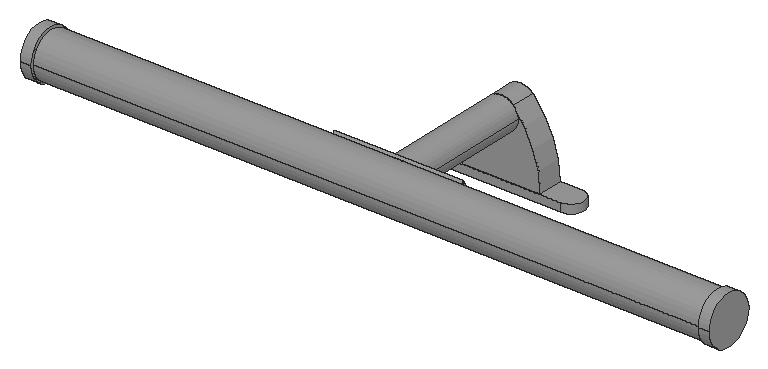
Revit family "0043210 Sylvania Lighting Fixture SYLMIRROR LED FLUTE IP44 NW Horizontal mount", category Lighting Fixtures, host Face, Revit 2016
Family settings
  Host = Face
  Part Type = Normal
  Round Connector Dimension = Use Diameter
  OmniClass Number = 23.80.70.00
  OmniClass Title = Lighting
  Cut with Voids When Loaded = No
  Light Source = No
  Shared = No
  Room Calculation Point = No
Parameters (values of type "0043210 SYLMIRROR LED FLUTE IP44 NW Horizontal mount")
  Weight = "0.606 kg"
  Wattage Comments = ""
  WarrantyStartDate [instance] = "n/a"
  WarrantyGuarantorParts = "n/a"
  WarrantyDurationUnit = "n/a"
  WarrantyDurationParts = "n/a"
  WarrantyDescription = "n/a"
  Voltage = 230 V
  URL = "http://www.sylvania-lighting.com"
  TypeName = "SYLMIRROR LED FLUTE IP44 NW Horizontal mount"
  TypeLamp_SYL = SylMirror LED Flute : 0043210 SylMirror LED Flute
  Type Image = <None>
  Type Comments = "n/a"
  SerialNumber [instance] = "n/a"
  Material_3_FEILO = none
  PowerFactor = 0
  PowerConsumption = "6 W"
  NominalLength = 400 mm
  NominalHeight = 52.6 mm
  NominalDepth = 115.3 mm
  Name = "SYLMIRROR LED FLUTE IP44 NW Horizontal mount"
  ModelReference = Name  # "SYLMIRROR LED FLUTE IP44 NW Horizontal mount"
  ModelNumber = "0043210"
  Model = Name  # "SYLMIRROR LED FLUTE IP44 NW Horizontal mount"
  Material = "pc housing, pc diffuser"
  ManufacturerName = "Feilo Sylvania"
  Manufacturer = "Feilo Sylvania"
  LuminousEfficacy = "90 lm/W"
  LuminaireType = ""
  LightOutputRatio = "100"
  LampsType = Lamp  # "LED"
  LampNominalLuminous = "540 lm"
  LampMacAdamStep = "6"
  LampColourTemperature = "4000 K"
  LampColourRenderingIndex = "80"
  Lamp = "LED"
  Keynote = "16500"
  InstallationDate [instance] = "n/a"
  InputVoltage = "220-240V~"
  InputNominalFrequency = "50/60 Hz"
  IngressProtection = "IP44"
  ImpactProtectionIndex = "IK03"
  IfcExportType = "IfcLightFixtureType"
  IfcExportAs = "IfcLightFixtureType"
  ExpectedLife = 50000
  ElectricShockClassification = "Class II"
  DurationUnit = "hours"
  DocumentationLiterature = "http://www.sylvania-lighting.com/product/en-int/products/0043210"
  DimmingControlOptions = "n/a"
  Material_2_FEILO = Diffuser-Sylvania-SylMirror
  Description = ""
  Default Elevation = 1219.2 mm
  CreatedOn = "7/17/2018"
  CreatedBy = "@sylvania-lighting.com"
  Cost = 0
  built-in parameter 1114216 [instance] = (empty or 0)
  ClassificationValue = "EF_70_80"
  ClassificationName = "Uniclass2015"
  Material_1_FEILO = Body-Sylvania-SylMirror
  BarCode [instance] = "n/a"
  AssetType = "Fixed"
  AssetIdentifier [instance] = "n/a"
  Assembly Code = "D5020200"
  Apparent Load = 6 VA
  Material_4_FEILO = none
Reference planes
  plane 1 "Center (Front/Back)": y = 0
  plane 2: z = 0
  plane 3 "Center (Left/Right)": x = 0
  plane 4: x = 200
  plane 5: x = -200
  plane 6: y = 7.5
  plane 7: y = -7.5
  plane 8: x = 42.5
  plane 9: x = -42.5
  plane 10: z = 45
  plane 11: z = 5
  plane 12: x = -25.5
  plane 13: x = 25.5
  plane 14: y = 7
  plane 15: y = -7
  plane 16: y = -112.2
  plane 17: z = 29
  plane 18: z = 46.8
  plane 19: z = 27.2
  plane 20: x = -35
  plane 21: x = 35
  plane 22: x = -17.5
  plane 23: x = 17.5
  plane 24: y = -68.6
  plane 25: x = 194.5
  plane 26: x = -194.5
  plane 27: z = 37
  plane 28: y = -90.4
  plane 29: z = 45.5
  plane 30: z = 28.5
  plane 31: y = -110.9
  plane 32: y = -69.9
  plane 33: y = -102.4
  plane 34: y = -78.4
  plane 35: z = 34
Forms (mm)
  Extrusion 1, solid, material "Body-Sylvania-SylMirror" <- "Material_1_FEILO"
    sketch origin (0, 0, 0) x (1, 0, 0) y (0, 1, 0)
      loop
        arc (-35, 7.5) -> (-42.5, 0) -> (-35, -7.5) r 7.5
        line (-35, -7.5) -> (35, -7.5)
        arc (35, -7.5) -> (42.5, 0) -> (35, 7.5) r 7.5
        line (35, 7.5) -> (-35, 7.5)
    from 0 to 5
Dimensions and locks
  locked: plane 10 to plane 2 at 45
  locked: plane 16 to plane 6 at 119.7
  locked: plane 11 to plane 2 at 5
  plane 15 to plane 1 "Center (Front/Back)" to plane 14 = 7 mm locked, 7 mm locked
  plane 7 to plane 1 "Center (Front/Back)" to plane 6 = 7.5 mm locked, 7.5 mm locked
  plane 5 to plane 3 "Center (Left/Right)" to plane 4 = 200 mm locked, 200 mm locked
  plane 12 to plane 3 "Center (Left/Right)" to plane 13 = 25.5 mm locked, 25.5 mm locked
  plane 9 to plane 3 "Center (Left/Right)" to plane 8 = 42.5 mm locked, 42.5 mm locked
  locked: plane 9 to plane 20 at 7.5
  locked: plane 21 to plane 8 at 7.5
  locked: plane 22 to plane 12 at 8
  locked: plane 13 to plane 23 at 8
  locked: plane 16 to plane 24 at 43.6
  locked: plane 5 to plane 26 at 5.5
  locked: plane 25 to plane 4 at 5.5
  locked: plane 27 to plane 10 at 8
  equal spacing: plane 17, plane 27, plane 10
  equal spacing: plane 19, plane 27, plane 18
  plane 19 to plane 18 = 19.6 mm
  locked: plane 16 to plane 28 at 21.8
  equal spacing: plane 30, plane 27, plane 29
  locked: plane 30 to plane 29 at 17
  equal spacing: plane 31, plane 28, plane 32
  locked: plane 16 to plane 31 at 1.3
  locked: plane 31 to plane 33 at 8.5
  locked: plane 34 to plane 32 at 8.5
  locked: plane 35 to plane 27 at 3
  aligned and locked: plane 2 to host face
  aligned and locked: level to host face
  aligned and locked: plane 20 to Extrusion 1 sketch curve  (x2)
  aligned and locked: plane 21 to Extrusion 1 sketch curve  (x2)
  aligned and locked: plane 7 to Extrusion 1 sketch curve  (x2)
  aligned and locked: plane 1 "Center (Front/Back)" to Extrusion 1 sketch curve
  aligned and locked: plane 6 to Extrusion 1 sketch curve
  aligned and locked: Extrusion 1 to plane 11
  aligned and locked: Extrusion 1 to level
  aligned and locked: plane 3 "Center (Left/Right)" to nested 1
  aligned and locked: plane 1 "Center (Front/Back)" to nested 1
Automatic sketch dimensions
  host sketch curve to host sketch curve = 2438.4 mm  (x2)
Nested families
  nested 1: "SylMirror LED Flute" at (0, 0, 5), type <- "TypeLamp_SYL", type "0043210 SylMirror LED Flute"
    with built-in parameter 1114216 (empty or 0)
Connectors
  electrical at (0, 0, 0), driven by "Apparent Load", driven by "PowerFactor", driven by "Voltage"
    settings: index 1, voltage 230 V, apparent load 6 VA, apparent load phase1 0 VA, apparent load phase2 0 VA, apparent load phase3 0 VA, power factor 0, load classification "Lighting", number of poles 1, system type 30, power factor state 1, is connector primary yes, connector utility no, sub classification motor no, connector description ""
Definition of nested family "SylMirror LED Flute"
  Parameters (values of type "0043210 SylMirror LED Flute")
    Wattage Comments = ""
    Wattage = 6 W
    built-in parameter 1150110 = 1 (stored number, unit not read)
    URL = "http://www.feilosylvania.com"
    Type Image = (empty or 0)
    Type Comments = "n/a"
    built-in parameter 1114217 = 1 (stored number, unit not read)
    Tilt Angle = -90.00°
    built-in parameter 1150109 = 1 (stored number, unit not read)
    built-in parameter 1150134 = 12
    built-in parameter 1150113 = 1 (stored number, unit not read)
    Photometric Web File = "0043210.IES"
    built-in parameter 1150142 = "﻿IESNA:LM-63-1995\r\n[TEST] 197208\r\n[DATE] 2017/9/27\r\n[MANUFAC] Feilo Sylvania\r\n[LUMCAT] W400S26-1  chorme 4000K\r\n[LUMINAIRE] \r\n[LAMPCAT] \r\n[LAMP] \r\nTILT=NONE\r\n1 -1 1.0 37 13 1 2 0.026 0.390 0.010\r\n1 1 5.939\r\n0.0 5.0 10.0 15.0 20.0 25.0 30.0 35.0 40.0 45.0 50.0 55.0 60.0 65.0 70.0 75.0 80.0 85.0 90.0 95.0 100.0 105.0 110.0 115.0 120.0 125.0 130.0 135.0 140.0 145.0 150.0 155.0 160.0 165.0 170.0 175.0 180.0\r\n0.0 15.0 30.0 45.0 60.0 75.0 90.0 105.0 120.0 135.0 150.0 165.0 180.0 \r\n103.374 104.863 107.694 105.757 103.523 101.735 100.395 99.948 96.820 94.139 92.053 89.372 87.138 84.010 80.882 77.456 74.924 70.604 65.093 62.263 59.284 50.942 0.149 37.387 42.303 41.260 37.238 23.684 0.149 0.894 13.555 16.087 12.810 8.937 2.830 0.447 \r\n0.000\r\n105.459 103.672 104.268 103.225 102.331 100.842 99.203 96.969 94.586 93.692 91.011 86.691 83.414 81.478 77.009 75.520 70.753 66.582 64.199 59.730 56.900 40.813 0.596 43.643 40.962 38.132 34.557 15.640 0.298 2.532 14.597 15.938 12.959 7.746 4.320 1.787 \r\n0.000\r\n106.204 105.310 105.906 103.523 102.629 99.203 97.714 93.841 91.607 88.032 83.861 79.690 77.605 72.689 68.370 65.093 62.263 59.879 55.411 53.325 46.920 15.789 8.044 38.281 36.196 32.621 26.365 0.000 0.894 11.469 16.683 13.406 8.937 7.746 5.064 1.192 0.447\r\n106.204 107.396 105.608 104.417 100.544 97.714 93.543 90.266 85.797 80.286 75.817 71.498 67.327 61.667 57.049 54.368 49.304 46.474 44.388 38.877 33.961 0.149 30.536 29.940 27.854 21.151 0.447 0.596 13.853 15.342 12.065 11.023 8.639 5.809 4.469 1.192 0.298\r\n105.012 105.161 104.417 102.629 99.054 93.990 89.372 83.265 78.797 74.626 67.774 60.624 56.156 49.155 44.537 38.728 34.408 30.387 28.450 24.131 0.894 17.428 21.002 17.725 0.894 2.234 12.810 14.449 12.959 10.576 8.788 7.895 5.809 5.660 1.787 1.341 0.000\r\n105.012 103.374 102.331 100.246 96.522 91.011 85.351 80.435 74.179 65.689 59.135 52.581 44.239 37.834 30.536 24.131 18.023 15.491 12.065 9.980 4.171 4.767 6.107 8.639 7.150 7.001 7.895 8.937 8.192 4.915 3.724 4.320 4.618 2.085 1.787 0.149 0.894\r\n103.970 103.374 103.076 97.714 96.820 90.564 84.904 78.052 71.200 62.858 57.794 48.559 42.005 31.578 26.216 17.874 9.235 4.767 0.000 0.894 2.681 0.000 0.000 0.000 1.490 0.000 0.000 0.894 0.596 1.192 0.000 0.000 0.000 0.000 0.000 0.894 0.894\r\n105.012 103.374 102.331 100.246 96.522 91.011 85.351 80.435 74.179 65.689 59.135 52.581 44.239 37.834 30.536 24.131 18.023 15.491 12.065 9.980 4.171 4.767 6.107 8.639 7.150 7.001 7.895 8.937 8.192 4.915 3.724 4.320 4.618 2.085 1.787 0.149 0.894\r\n105.012 105.161 104.417 102.629 99.054 93.990 89.372 83.265 78.797 74.626 67.774 60.624 56.156 49.155 44.537 38.728 34.408 30.387 28.450 24.131 0.894 17.428 21.002 17.725 0.894 2.234 12.810 14.449 12.959 10.576 8.788 7.895 5.809 5.660 1.787 1.341 0.000\r\n106.204 107.396 105.608 104.417 100.544 97.714 93.543 90.266 85.797 80.286 75.817 71.498 67.327 61.667 57.049 54.368 49.304 46.474 44.388 38.877 33.961 0.149 30.536 29.940 27.854 21.151 0.447 0.596 13.853 15.342 12.065 11.023 8.639 5.809 4.469 1.192 0.298\r\n106.204 105.310 105.906 103.523 102.629 99.203 97.714 93.841 91.607 88.032 83.861 79.690 77.605 72.689 68.370 65.093 62.263 59.879 55.411 53.325 46.920 15.789 8.044 38.281 36.196 32.621 26.365 0.000 0.894 11.469 16.683 13.406 8.937 7.746 5.064 1.192 0.447\r\n105.459 103.672 104.268 103.225 102.331 100.842 99.203 96.969 94.586 93.692 91.011 86.691 83.414 81.478 77.009 75.520 70.753 66.582 64.199 59.730 56.900 40.813 0.596 43.643 40.962 38.132 34.557 15.640 0.298 2.532 14.597 15.938 12.959 7.746 4.320 1.787 \r\n0.000\r\n103.374 104.863 107.694 105.757 103.523 101.735 100.395 99.948 96.820 94.139 92.053 89.372 87.138 84.010 80.882 77.456 74.924 70.604 65.093 62.263 59.284 50.942 0.149 37.387 42.303 41.260 37.238 23.684 0.149 0.894 13.555 16.087 12.810 8.937 2.830 0.447 \r\n0.000\r\n"
    Material_3_SYL = none
    Model = ""
    Manufacturer = "Feilo Sylvania"
    built-in parameter 1150105 = 42.972 (stored number, unit not read)
    Lumens = 540 lm
    built-in parameter 1150115 = 1 (stored number, unit not read)
    built-in parameter 1150137 = (empty or 0)
    built-in parameter 1150139 = (empty or 0)
    built-in parameter 1150112 = 1 (stored number, unit not read)
    built-in parameter 1150114 = 1 (stored number, unit not read)
    Lamp = ""
    Keynote = "16500"
    Material_2_SYL = none
    built-in parameter 1150132 = (empty or 0)
    built-in parameter 1150102 = (empty or 0)
    built-in parameter 1150107 = 4000 (stored number, unit not read)
    built-in parameter 1150138 = (empty or 0)
    built-in parameter 1150106 = 0.42972 (stored number, unit not read)
    Emit from Rectangle Width = 388 mm
    Emit from Rectangle Length = 20 mm
    Emit Shape Visible in Rendering = no
    built-in parameter 1150104 = 8.3613 (stored number, unit not read)
    Dimming Lamp Color Temperature Shift = (empty or 0)
    Description = ""
    Default Elevation = 1219.2 mm
    Cost = 0
    Color Filter = 16777215
    built-in parameter 1114216 [instance] = (empty or 0)
    ClassificationValue_old = "EF_70_80"
    ClassificationName_old = "Uniclass2015"
    Material_1_SYL = none
    built-in parameter 1114218 = 1 (stored number, unit not read)
    built-in parameter 1150133 = 10 (stored number, unit not read)
    Assembly Code = "D5020200"
    Apparent Load = 6 VA
    Material_4_SYL = none
  Types (2, lengths in mm): name | built-in parameter 1150134 | Photometric Web File | built-in parameter 1150107
    0043210 SylMirror LED Flute | 12 | "0043210.IES" | 4000 (stored number, unit not read)
    0043235 SylMirror LED Flute | (empty or 0) | "0043235.IES" | 3000 (stored number, unit not read)
  Reference planes
    plane 1 "Center (Front/Back)": y = 0
    plane 2: z = 0
    plane 3 "Center (Left/Right)": x = 0
    plane 4: x = 200
    plane 5: x = -200
    plane 6: y = 7
    plane 7: y = -7
    plane 8: y = -106
    plane 9: y = -91.9
    plane 10: z = 34
    plane 11: z = 43.5
    plane 12: z = 24.5
    plane 13: z = 47
    plane 14: z = 21
    plane 15: z = 48.1
    plane 16: z = 19.9
    plane 17: y = -104.9
    plane 18: x = 193.7
    plane 19: x = -193.7
    plane 20: x = 22.5
    plane 21: x = -22.5
    plane 22: z = 40.5
    plane 23: y = -58.5
    plane 24: x = 37.5
    plane 25: x = -37.5
    plane 26: y = -76.9
    plane 27: y = -78.9
    plane 28: y = -82.9
  Forms (mm)
    Extrusion 1, solid
      sketch origin (4.2, 0, 0) x (1, 0, 0) y (0, 1, 0)
        loop
          line (-1219.2, 1219.2) -> (-1219.2, -1219.2) -> (1219.2, -1219.2) -> (1219.2, 1219.2) -> (-1219.2, 1219.2)
      from 0 to -68.017
    Extrusion 2, solid, material <- "Material_1_SYL"
      sketch origin (1524, -7, 1219.2) x (1, 0, 0) y (0, 0, 1)
        loop
          line (-1546.5, -1219.2) -> (-1501.5, -1219.2)
          arc (-1501.5, -1219.2) -> (-1505.527, -1197.505) -> (-1517.072, -1178.7) r 60.453
          arc (-1517.072, -1178.7) -> (-1524, -1175.7) -> (-1530.928, -1178.7) r 9.5
          arc (-1530.928, -1178.7) -> (-1542.473, -1197.505) -> (-1546.5, -1219.2) r 60.453
      from 0 to -14
    Extrusion 3, solid, material <- "Material_2_SYL"
      sketch origin (0, 0, 0) x (0, 1, 0) y (0, 0, 1)
        loop
          circle (-91.9, 34) r 13
      from -193.7 to 193.7
    Extrusion 4, solid, material <- "Material_1_SYL"
      sketch origin (-200, 1524, 1219.2) x (0, 1, 0) y (0, 0, 1)
        loop
          circle (-1615.9, -1185.2) r 14.1
      from 0 to 6.3
    Extrusion 5, solid, material <- "Material_1_SYL"
      sketch origin (200, 1524, 1219.2) x (0, 1, 0) y (0, 0, 1)
        loop
          circle (-1615.9, -1185.2) r 14.1
      from 0 to -6.3
    Extrusion 6, solid, material <- "Material_1_SYL"
      sketch origin (1524, -7, 1219.2) x (1, 0, 0) y (0, 0, 1)
        loop
          circle (-1524, -1185.2) r 9.5
      from 0 to 75.9
    Revolve 7, solid, material <- "Material_1_SYL"
      sketch origin (0, 1219.825, 34) x (1, 0, 0) y (0, 1, 0)
        loop
          arc (-36.5, -1296.725) -> (-37.207, -1297.018) -> (-37.5, -1297.725) r 1
          line (-37.5, -1297.725) -> (-37.5, -1298.725) -> (37.5, -1298.725) -> (37.5, -1297.725)
          arc (37.5, -1297.725) -> (37.207, -1297.018) -> (36.5, -1296.725) r 1
          line (36.5, -1296.725) -> (-36.5, -1296.725)
        axis (37.5, -1311.725) -> (-37.5, -1311.725)
      angle from -45 to 45
  Cuts and joins
    joined: Extrusion 6, Revolve 7
  Lines and regions (mm)
    reference lines
      curve 1: circle (0, -7, 34) r 9.5 normal (0, -1, 0)
  Dimensions and locks
    plane 7 to plane 1 "Center (Front/Back)" to plane 6 = 7 mm locked, 7 mm locked
    plane 5 to plane 3 "Center (Left/Right)" to plane 4 = 200 mm locked, 200 mm locked
    equal spacing: plane 7, plane 1 "Center (Front/Back)", plane 6
    plane 7 to plane 6 = 14 mm
    locked: plane 8 to plane 6 at 113
    locked: plane 8 to plane 9 at 14.1
    locked: plane 10 to level at 34
    equal spacing: plane 14, plane 10, plane 13
    locked: plane 14 to plane 13 at 26
    equal spacing: plane 12, plane 10, plane 11
    locked: plane 12 to plane 11 at 19
    equal spacing: plane 16, plane 10, plane 15
    locked: plane 16 to plane 15 at 28.2
    locked: plane 8 to plane 17 at 1.1
    plane 5 to plane 4 = 400 mm
    locked: plane 5 to plane 19 at 6.3
    equal spacing: plane 19, plane 3 "Center (Left/Right)", plane 18
    plane 20 to plane 3 "Center (Left/Right)" to plane 21 = 22.5 mm locked, 22.5 mm locked
    locked: plane 11 to plane 22 at 3
    locked: plane 23 to plane 7 at 51.5
    plane 24 to plane 3 "Center (Left/Right)" to plane 25 = 37.5 mm locked, 37.5 mm locked
    locked: plane 9 to plane 26 at 15
    locked: plane 27 to plane 26 at 2
    locked: Revolve 7 sketch curve to plane 24 at 1
    locked: Revolve 7 sketch curve to plane 26 at 1  (x2)
    locked: plane 25 to Revolve 7 sketch curve at 1
    locked: plane 9 to plane 28 at 9
    aligned and locked: plane 2 to Extrusion 1
    aligned and locked: level to Extrusion 1
    aligned and locked: plane 3 "Center (Left/Right)" to curve 1
    aligned and locked: plane 10 to curve 1
    aligned and locked: plane 22 to Extrusion 2 sketch curve
    aligned and locked: plane 2 to Extrusion 2 sketch curve
    aligned and locked: Extrusion 2 to plane 6
    aligned and locked: plane 7 to Extrusion 2
    aligned and locked: plane 9 to Extrusion 3 sketch curve
    aligned and locked: plane 10 to Extrusion 3 sketch curve
    aligned and locked: plane 18 to Extrusion 3
    aligned and locked: Extrusion 3 to plane 19
    aligned and locked: plane 9 to Extrusion 4 sketch curve
    aligned and locked: plane 10 to Extrusion 4 sketch curve
    aligned and locked: plane 19 to Extrusion 4
    aligned and locked: Extrusion 4 to plane 5
    aligned and locked: Extrusion 5 sketch curve to Extrusion 4  (x2)
    aligned and locked: Extrusion 5 to plane 18
    aligned and locked: plane 4 to Extrusion 5
    aligned and locked: Extrusion 6 sketch curve to curve 1
    aligned and locked: Extrusion 6 to plane 7
    aligned and locked: plane 26 to Revolve 7 sketch curve
    aligned and locked: plane 25 to Revolve 7 sketch curve
    aligned and locked: Revolve 7 sketch curve to plane 27
    aligned and locked: Revolve 7 sketch curve to plane 24
    aligned and locked: Revolve 7 sketch curve to plane 9
    aligned and locked: plane 28 to Extrusion 6
    aligned and locked: plane 3 "Center (Left/Right)" to imposter light
    aligned and locked: plane 10 to imposter light
  Automatic sketch dimensions
    Extrusion 1 sketch curve to Extrusion 1 sketch curve = 2438.4 mm  (x2)
    Extrusion 2 sketch curve to plane 21 = 0 mm
    Extrusion 2 sketch curve to plane 3 "Center (Left/Right)" = 0 mm
    Extrusion 2 sketch curve to plane 22 = 0 mm
    Extrusion 2 sketch curve to plane 20 = 0 mm
    Extrusion 2 sketch curve to plane 10 = 0 mm
    Extrusion 2 sketch curve to Extrusion 2 sketch curve = 15.453 mm
    Revolve 7 sketch curve to plane 5 = 1334.635 mm
    plane 4 to Revolve 7 sketch curve = 1459.773 mm
    radius of curve 1 = 9.5 mm
    radius of Extrusion 3 sketch curve = 13 mm
    radius of Extrusion 4 sketch curve = 14.1 mm
